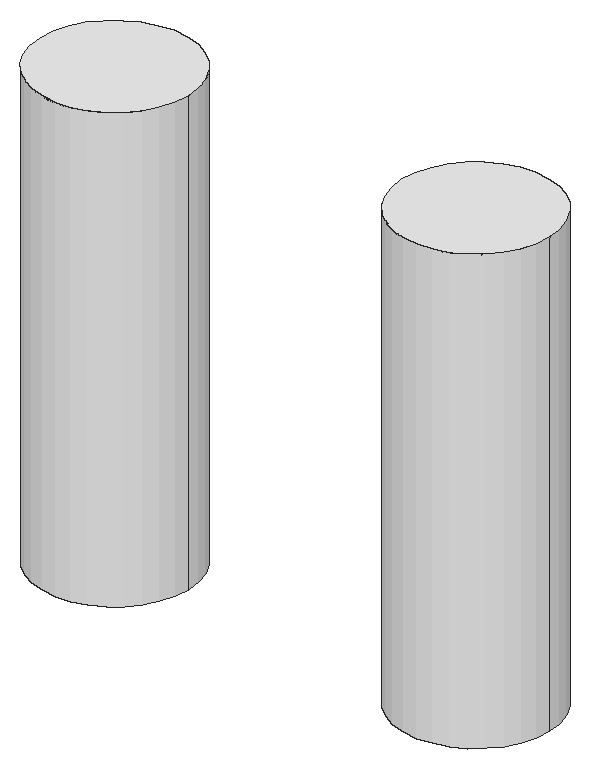
Revit family "05682119", category Plumbing Fixtures, Revit 2020
Family settings
  Round Connector Dimension = Use Diameter
  Part Type = Normal
  OmniClass Number = 23.45.55.00
  OmniClass Title = Sanitary Faucets, Wastes
  Work Plane-Based = No
  Always vertical = Yes
  Cut with Voids When Loaded = No
  Shared = No
  Room Calculation Point = No
Parameters (values of type "05682119 High washbasin faucet, 6 V, Bluetooth ")
  Working Pressure = "100 - 1000 kPa"
  WarrantyStartDate [instance] = "n/a"
  WarrantyGuarantorParts = "n/a"
  WarrantyGuarantorLabor = "n/a"
  WarrantyDurationUnit = "Year"
  WarrantyDurationParts = "n/a"
  WarrantyDurationLabor = "n/a"
  WarrantyDescription = "http://warranty.hansa.com"
  Warranty Information URL = "http://warranty.hansa.com"
  VersionDate = "01/06/2023"
  Version = "1"
  ValvePattern = "n/a"
  ValveOperation = "n/a"
  ValveMechanism = "n/a"
  Uniclass2015Reference = "Pr_40_20_87_96"
  Uniclass2015Description = "Washbasin manual water supply sets"
  Uniclass2 = "Pr_40_30_96_96"
  URL WEEE = "http://static.hansa.com/WEEE/05682119"
  URL UN38.3 = "http://static.hansa.com/UN383/05682119"
  URL REACH = "http://static.hansa.com/doc/reach"
  URL EcoLabel Declaration = "http://static.hansa.com/doc/EcoLabel"
  URL EU Packaging Declaration = "http://static.hansa.com/doc/packaging"
  URL Declaration of SCIP = "http://static.hansa.com/doc/SCIP"
  URL Declaration of Conformity = "http://static.hansa.com/DoC/05682119"
  URL Declaration of Asbestos = "http://static.hansa.com/doc/asbestos"
  URL Declaration Of Performance (DOP) = "http://static.hansa.com/doc/DoP"
  URL ABP = "http://static.hansa.com/ABP/05682119"
  URL = ""
  UNSPSC Class Number = "30181700 Faucets or taps"
  TestPressure = "n/a"
  Temperature Adjustments = "Adjustable hot water stop (included, retrofittable)"
  Temperature = "Temperature limiter (retrofittable)"
  Technical DataSheet URL = "http://www.hansa.com/datasheet/05682119/en"
  TagNumber [instance] = "n/a"
  SustainabilityPerformance = "n/a"
  Surface treatment = "Chrome"
  Spout Type = "Fixed spout;Casted construction"
  Spout Projection = "136 mm"
  Special Features = "Waterways without nickel, adjustable settings BT, leadfree"
  Spare-Part Information URL = "http://static.hansa.com/sp/05682119"
  Size = "69x166.5x174 mm"
  Shape = "Sculptured"
  SerialNumber [instance] = "n/a"
  Sales Package dimensions (LxWxH) = "380 x 180 x 74"
  Revision = "n/a"
  ReplacementCost = "n/a"
  Protection Class = "IP 55"
  ProductInformation = "n/a"
  Product URL = "http://static.hansa.com/05682119"
  Product Image URL = "http://static.hansa.com/image/05682119"
  Product Family = "HANSAMEDIPRO XL"
  Product Code = "05682119"
  OperatingMechanismMaterial = "n/a"
  Operating Voltage = 6 V
  Operating Distance = "20-130 mm (110/130/160 mm)"
  NominalWidth = 69 mm
  NominalHeight = 174 mm
  NominalDepth = 166.5 mm
  Noise Class = "I (ISO 3822)"
  Name_en = "05682119 High washbasin faucet, 6 V, Bluetooth"
  Name = "05682119 High washbasin faucet, 6 V, Bluetooth"
  NBSReference = "45-35-70/371"
  NBSDescription = "Water supply fittings for wash basins and troughs"
  Mounting Holes = "1 hole"
  ModelReference = "05682119"
  ModelNumber = "n/a"
  Model = "05682119 High washbasin faucet, 6 V, Bluetooth"
  Mobile Product Information URL = "http://mpi.hansa.com/05682119"
  Mechanical Parts = "Litter filter(s);Mixing valve for manual temperature control;Non-return valve(s)"
  Max. Hot Water Supply = 70 °C
  Max Flow Period = "2 min (1 - 1800 s)"
  Material = "Brass"
  Market = "Austria;Belgium;Czech Republic;Germany;Spain;France;International;Italy;Netherlands;Slovakia"
  ManufacturerURL = "http://www.hansa.com"
  ManufacturerName = "HANSA"
  Manufacturer = "HANSA"
  Lever Handle = "Temperature control handle"
  Interactive AR View URL = "https://static.hansa.com/AR/05682119"
  InstallationDate [instance] = "n/a"
  Installation and Maintenance Guide URL = "http://static.hansa.com/manual/05682119"
  Installation Type = "Deck mounted"
  InletConnectionSize = 10 mm
  IfcExportType = "FAUCET"  # constant formula
  IfcExportAs = "IfcValveType"  # constant formula
  Group = "Washbasin faucet"
  Grade = "n/a"
  FlowCoefficient = 0
  Flow Rate At 300kPa With Flow Controller = 0.1 L/s
  Flow Drawing URL = "http://static.hansa.com/flowchart/05682119"
  Finish = "Polished"
  Features = "Touchless;Battery-operated;Bluetooth®"
  FaucetMainMaterial = Brass
  FDV Document URL = "http://www.hansa.com/datasheet/05682119/en/fdv"
  ExpectedLife = "n/a"
  Excluded Items = "Without pop-up waste;Without draw-rod opening"
  Electronic Parts = "Autofocus infrared sensor;Solenoid valve;Low battery indicator"
  ETIM Class Number = "EC010340 Electronic tap"
  EN Standard = "EN 15091,\nETSI EN 301 489-1 V1.9.2 , \nETSI EN 300 328 v2.2.2 , \nEN 61000-6-1:2007 , \nEN 61000-6-3:2007+A1:2011+AC:2012 , \nEN 60335-1:2012+A11+A13+A1+A14+A2+A15:2021, Part 19.11.4"
  EMC Directive = "Radio Equipment Directive 2014/53/EU , \nLow Voltage Directive 2014/35/EU , \nEMC Directive 2014/30/EU , \nRoHS Directive 2011/65/EU"
  EAN Number = "4057304005053"
  DurationUnit = "Year"
  Dimension Drawing URL = "http://static.hansa.com/dimdrw/05682119"
  Description = ""
  DefaultElevation [instance] = 900 mm
  Default Elevation = 0 mm
  Constituents = "n/a"
  Connection Size = "G3/8"
  Connection = "Flexible inlet pipes;Special coating for hygienic premises"
  Color = "Chrome"
  CodePerformance = "n/a"
  CloseOffRating = 0
  Catalog Drawing URL = "http://static.hansa.com/catdrw/05682119"
  Brand = "HANSA"
  BodyMaterial = "Brass"
  Bluetooth = "4.x (D034445)"
  Battery = "Lithium 2CR5 6 V"
  Barcode [instance] = "n/a"
  Backflow Prevention EN1717 = "AA"
  BIMObjectName = "05682119"
  Automatic Flush Period = "30 s (1-1800 s)"
  Automatic Flush Frequency = "off (off/1-120 h)"
  Author = "BIMStone"
  AssetType = "Fixed"
  AssetIdentifier [instance] = "n/a"
  Approval ABP = "P-IX 29469/IO"
  Afterflow Period = "3 s (1-20 s)"
  Aerator = "Laminar stream"
  Advanced Features = "Inner body made of DZR brass;Surfaces in contact with drinking water contain less than 0.3% lead;Waterways without nickel coating;;Software settings adjustable via App"
  AccessibilityPerformance = "n/a"
  3D View = "https://static.hansa.com/AR/05682119"
  2D/3D/BIM Files URL = "http://static.hansa.com/bim/05682119"
Reference planes
  plane 1 "Center (Front/Back)": y = 0
  plane 2: z = 0
  plane 3 "Center (Left/Right)": x = 0
  plane 4: x = -27.5
  plane 5: x = 27.5
  plane 6: y = -166.5
  plane 7: z = 1074
  plane 8: z = 900
  plane 9: x = 41.5
  plane 10: z = 870
Forms (mm)
  Extrusion 1, solid, material "Brass" <- "FaucetMainMaterial", detail levels medium
    sketch origin (0, 0, 0) x (0, 1, 0) y (0, 0, 1)
      loop
        line (0, 900) -> (-14.379, 1050.418) -> (-148.119, 1074) -> (-161.474, 1074) -> (-166.5, 1045.495) -> (-86.606, 1031.408)
        arc (-86.606, 1031.408) -> (-67.874, 1021.993) -> (-59.728, 1002.675) r 30.321
        line (-59.728, 1002.675) -> (-55, 900) -> (0, 900)
    from -27.5 to 27.5
  Extrusion 2, solid, material "Brass" <- "FaucetMainMaterial", detail levels medium
    sketch origin (0, 0, 0) x (1, 0, 0) y (0, 0, 1)
      loop
        line (27.5, 910.024) -> (41.5, 910.024) -> (41.5, 948.779) -> (27.5, 948.779) -> (27.5, 910.024)
    from 21.555 to 37.598
  Extrusion 3, solid, material "Brass" <- "FaucetMainMaterial", detail levels coarse
    sketch origin (0, 0, 0) x (1, 0, 0) y (0, 1, 0)
      loop
        line (-27.5, 0) -> (-27.5, -166.5) -> (41.5, -166.5) -> (41.5, 0) -> (-27.5, 0)
    from 900 to 1074
  Extrusion 4, solid, material "Brass" <- "FaucetMainMaterial"
    sketch origin (0, 0, 0) x (1, 0, 0) y (0, 1, 0)
      loop
        circle (-12.25, -27.445) r 5
      loop
        circle (12.25, -27.445) r 5
    from 870 to 900
Lines and regions (mm)
  symbolic lines, detail levels medium+fine
    curve 1: line (-15.5, -69.537, 0) -> (-15.5, -149.141, 0)
    curve 2: arc (-22.324, -45.737, 0) -> (-17.24, -57.157, 0) -> (-15.5, -69.537, 0) r 44.913
    curve 3: arc (-27.502, -27.489, 0) -> (-26.212, -36.982, 0) -> (-22.324, -45.737, 0) r 33.978
    curve 5: line (15.499, -71.499, 0) -> (15.499, -149.141, 0)
    curve 6: arc (22.753, -45.031, 0) -> (17.345, -57.777, 0) -> (15.499, -71.499, 0) r 51.914
    curve 8: spline (-15.5, -149.141, 0) -> (-15.464, -150.192, 0) -> (-15.356, -151.239, 0) -> (-15.177, -152.275, 0) -> (-14.927, -153.297, 0) -> (-14.608, -154.3, 0) -> (-14.221, -155.279, 0) -> (-13.767, -156.229, 0) -> (-13.25, -157.147, 0) -> (-12.671, -158.027, 0) -> (-12.033, -158.866, 0) -> (-11.34, -159.659, 0) -> (-10.593, -160.404, 0)
    curve 10: spline (10.592, -160.404, 0) -> (11.339, -159.659, 0) -> (12.032, -158.866, 0) -> (12.67, -158.027, 0) -> (13.249, -157.147, 0) -> (13.766, -156.23, 0) -> (14.219, -155.279, 0) -> (14.606, -154.3, 0) -> (14.926, -153.298, 0) -> (15.175, -152.275, 0) -> (15.355, -151.239, 0) -> (15.463, -150.192, 0) -> (15.499, -149.141, 0)
    curve 11: arc (-10.593, -160.404, 0) -> (0, -166.501, 0) -> (10.592, -160.404, 0) r 12.251
    curve 12: line (41.5, -34.339, 0) -> (41.5, -28.836, 0)
    curve 13: arc (26.89, -21.734, 0) -> (-2.895, -0.141, 0) -> (-27.502, -27.489, 0) r 27.501
    curve 14: line (0, 0, 900) -> (0, -55, 900)
    curve 15: line (0, -55, 900) -> (0, -56.156, 916.535)
    curve 16: line (0, -56.848, 926.423) -> (0, -57.158, 934.633)
    curve 17: arc (0, -59.718, 1002.424) -> (0, -67.789, 1021.901) -> (0, -86.606, 1031.408) r 30.321
    curve 18: line (0, -86.606, 1031.408) -> (0, -137.511, 1040.384)
    curve 19: line (0, -137.511, 1040.384) -> (0, -143.636, 1043.989)
    curve 20: arc (0, -164.599, 1056.328) -> (0, -160.424, 1068.954) -> (0, -148.119, 1074) r 15.911
    curve 21: line (0, -148.119, 1074) -> (0, -42.816, 1054.716)
    curve 22: arc (0, -42.816, 1054.716) -> (0, -35.062, 1052.703) -> (0, -27.682, 1049.584) r 54.98
    curve 23: arc (0, -27.682, 1049.584) -> (0, -17.813, 1041.367) -> (0, -12.418, 1029.713) r 29.231
    curve 24: line (0, -12.418, 1029.713) -> (0, -1.858, 926.431)
    curve 25: line (0, -1.858, 926.431) -> (0, 0, 900)
    curve 26: line (0, -145.977, 1040.013) -> (0, -166.5, 1051.862)
    curve 27: line (0, -166.5, 1051.862) -> (0, -164.059, 1056.01)
    curve 28: line (0, -145.977, 1040.013) -> (0, -143.636, 1043.989)
    curve 30: line (0, -164.059, 1056.01) -> (0, -164.599, 1056.328)
    curve 31: arc (0, -57.413, 941.388) -> (0, -58.589, 937.961) -> (0, -57.158, 934.633) r 5.032
    curve 32: arc (0, -56.638, 923.431) -> (0, -57.788, 919.886) -> (0, -56.156, 916.535) r 4.983
    curve 33: line (0, -56.638, 923.431) -> (0, -56.848, 926.423)
    curve 35: line (0, -57.413, 941.388) -> (0, -59.718, 1002.424)
    curve 37: line (40.622, -35.332, 0) -> (26.175, -37.105, 0)
    curve 38: arc (41.5, -28.836, 0) -> (41.367, -27.938, 0) -> (40.981, -27.117, 0) r 3.104
    curve 39: arc (40.981, -27.117, 0) -> (38.549, -24.68, 0) -> (35.368, -23.366, 0) r 8.772
    curve 40: line (35.368, -23.366, 0) -> (26.89, -21.734, 0)
    curve 41: arc (26.175, -37.105, 0) -> (24.717, -41.177, 0) -> (22.753, -45.031, 0) r 33.977
    curve 42: line (-27.5, 0, 900) -> (27.5, 0, 900)
    curve 43: line (-27.5, 0, 900) -> (-27.5, 0, 926.446)
    curve 44: line (-27.5, 0, 926.446) -> (-24.359, 0, 1016.391)
    curve 45: arc (-24.359, 0, 1016.391) -> (-21.799, 0, 1031.69) -> (-15.365, 0, 1045.804) r 59.407
    curve 46: line (-15.365, 0, 1045.804) -> (-15.365, 0, 1058.848)
    curve 47: line (27.5, 0, 900) -> (27.5, 0, 910.024)
    curve 48: line (27.5, 0, 926.446) -> (24.359, 0, 1016.391)
    curve 49: arc (24.359, 0, 1016.391) -> (21.799, 0, 1031.69) -> (15.365, 0, 1045.804) r 59.407
    curve 50: line (15.365, 0, 1045.804) -> (15.365, 0, 1058.848)
    curve 51: spline (-15.365, 0, 1058.848) -> (-14.842, 0, 1062.769) -> (-13.307, 0, 1066.424) -> (-10.865, 0, 1069.562) -> (-7.683, 0, 1071.97) -> (-3.977, 0, 1073.484) -> (0, 0, 1074) -> (3.977, 0, 1073.484) -> (7.683, 0, 1071.97) -> (10.865, 0, 1069.562) -> (13.307, 0, 1066.424) -> (14.842, 0, 1062.769) -> (15.365, 0, 1058.848)
    curve 54: line (27.5, 0, 925.002) -> (28.92, 0, 925.002)
    curve 55: line (28.92, 0, 925.002) -> (30.131, 0, 942.325)
    curve 56: line (40.891, 0, 942.325) -> (41.5, 0, 913.532)
    curve 57: arc (41.5, 0, 913.532) -> (40.545, 0, 911.082) -> (38.138, 0, 910.024) r 3.436
    curve 58: line (38.138, 0, 910.024) -> (27.5, 0, 910.024)
    curve 59: line (27.5, 0, 925.002) -> (27.5, 0, 926.446)
    curve 61: spline (30.131, 0, 942.325) -> (30.314, 0, 943.984) -> (30.852, 0, 945.53) -> (31.707, 0, 946.857) -> (32.821, 0, 947.875) -> (34.118, 0, 948.516) -> (35.511, 0, 948.734) -> (36.903, 0, 948.516) -> (38.201, 0, 947.875) -> (39.315, 0, 946.857) -> (40.17, 0, 945.53) -> (40.707, 0, 943.984) -> (40.891, 0, 942.325)
    curve 71: arc (41.5, -34.339, 0) -> (41.249, -35.002, 0) -> (40.622, -35.332, 0) r 1
  symbolic lines, detail levels fine
    curve 4: arc (27.5, -27.489, 0) -> (27.347, -24.595, 0) -> (26.89, -21.734, 0) r 27.502
    curve 7: arc (27.5, -27.489, 0) -> (27.182, -32.345, 0) -> (26.175, -37.105, 0) r 33.977
    curve 9: spline (-10.593, -160.404, 0) -> (-9.095, -161.635, 0) -> (-7.454, -162.669, 0) -> (-5.695, -163.491, 0) -> (-3.847, -164.087, 0) -> (-1.939, -164.448, 0) -> (0, -164.57, 0) -> (1.938, -164.448, 0) -> (3.846, -164.087, 0) -> (5.694, -163.491, 0) -> (7.453, -162.669, 0) -> (9.094, -161.635, 0) -> (10.592, -160.404, 0)
    curve 29: line (0, -143.636, 1043.989) -> (0, -164.059, 1056.01)
    curve 34: line (0, -56.156, 916.535) -> (0, -56.638, 923.431)
    curve 36: line (0, -57.158, 934.633) -> (0, -57.413, 941.388)
    curve 52: circle (0, 0, 937.975) r 3.491 normal (0, -1, 0)
    curve 53: circle (0, 0, 919.975) r 3.491 normal (0, -1, 0)
    curve 60: arc (27.5, 0, 925.002) -> (26.178, 0, 917.513) -> (27.5, 0, 910.024) r 21.866
    curve 62: spline (-15.365, 0, 1058.848) -> (-15.342, 0, 1058.007) -> (-15.271, 0, 1057.17) -> (-15.153, 0, 1056.337) -> (-14.989, 0, 1055.512) -> (-14.778, 0, 1054.698) -> (-14.522, 0, 1053.896) -> (-14.221, 0, 1053.11) -> (-13.876, 0, 1052.341) -> (-13.489, 0, 1051.592) -> (-13.06, 0, 1050.865) -> (-12.591, 0, 1050.163) -> (-12.084, 0, 1049.488)
    curve 63: spline (12.084, 0, 1049.488) -> (12.591, 0, 1050.163) -> (13.06, 0, 1050.865) -> (13.489, 0, 1051.592) -> (13.876, 0, 1052.341) -> (14.221, 0, 1053.11) -> (14.522, 0, 1053.896) -> (14.778, 0, 1054.698) -> (14.989, 0, 1055.512) -> (15.153, 0, 1056.337) -> (15.271, 0, 1057.17) -> (15.342, 0, 1058.007) -> (15.365, 0, 1058.848)
    curve 64: spline (-11.212, 0, 1052.032) -> (-10.105, 0, 1053.228) -> (-8.604, 0, 1054.277) -> (-6.766, 0, 1055.139) -> (-4.663, 0, 1055.78) -> (-2.378, 0, 1056.175) -> (0, 0, 1056.308) -> (2.378, 0, 1056.175) -> (4.663, 0, 1055.78) -> (6.766, 0, 1055.139) -> (8.604, 0, 1054.277) -> (10.105, 0, 1053.228) -> (11.212, 0, 1052.032)
    curve 65: line (-11.212, 0, 1047.289) -> (-11.212, 0, 1046.089)
    curve 66: line (11.212, 0, 1047.289) -> (11.212, 0, 1046.089)
    curve 67: spline (11.212, 0, 1052.032) -> (11.476, 0, 1051.624) -> (11.694, 0, 1051.207) -> (11.864, 0, 1050.784) -> (11.986, 0, 1050.355) -> (12.059, 0, 1049.922) -> (12.084, 0, 1049.488) -> (12.059, 0, 1049.054) -> (11.986, 0, 1048.622) -> (11.864, 0, 1048.193) -> (11.694, 0, 1047.769) -> (11.476, 0, 1047.352) -> (11.212, 0, 1046.944)
    curve 68: spline (11.212, 0, 1046.089) -> (10.83, 0, 1047.493) -> (9.71, 0, 1048.801) -> (7.928, 0, 1049.925) -> (5.606, 0, 1050.787) -> (2.902, 0, 1051.328) -> (0, 0, 1051.513) -> (-2.902, 0, 1051.328) -> (-5.606, 0, 1050.787) -> (-7.928, 0, 1049.925) -> (-9.71, 0, 1048.801) -> (-10.83, 0, 1047.493) -> (-11.212, 0, 1046.089) -> (-10.83, 0, 1044.686) -> (-9.71, 0, 1043.377) -> (-7.928, 0, 1042.254) -> (-5.606, 0, 1041.392) -> (-2.902, 0, 1040.85) -> (0, 0, 1040.665) -> (2.902, 0, 1040.85) -> (5.606, 0, 1041.392) -> (7.928, 0, 1042.254) -> (9.71, 0, 1043.377) -> (10.83, 0, 1044.686) -> (11.212, 0, 1046.089)
    curve 69: spline (11.212, 0, 1047.289) -> (10.83, 0, 1048.693) -> (9.71, 0, 1050.001) -> (7.928, 0, 1051.125) -> (5.606, 0, 1051.987) -> (2.902, 0, 1052.528) -> (0, 0, 1052.713) -> (-2.902, 0, 1052.528) -> (-5.606, 0, 1051.987) -> (-7.928, 0, 1051.125) -> (-9.71, 0, 1050.001) -> (-10.83, 0, 1048.693) -> (-11.212, 0, 1047.289)
    curve 70: spline (-11.212, 0, 1046.944) -> (-11.476, 0, 1047.352) -> (-11.694, 0, 1047.769) -> (-11.864, 0, 1048.193) -> (-11.986, 0, 1048.622) -> (-12.059, 0, 1049.054) -> (-12.084, 0, 1049.488) -> (-12.059, 0, 1049.922) -> (-11.986, 0, 1050.355) -> (-11.864, 0, 1050.784) -> (-11.694, 0, 1051.207) -> (-11.476, 0, 1051.624) -> (-11.212, 0, 1052.032)
Dimensions and locks
  equal spacing: plane 4, plane 3 "Center (Left/Right)", plane 5
  "NominalDepth": plane 6 to plane 1 "Center (Front/Back)"
  "NominalHeight": plane 7 to plane 8
  "DefaultElevation": plane 8 to level
  locked: plane 5 to plane 9 at 14
  "NominalWidth": plane 4 to plane 9
  locked: plane 8 to plane 10 at 30
  "InletConnectionSize": diameter of Extrusion 4 sketch curve  (x2)
  aligned and locked: level to plane 2
  aligned and locked: import instance to plane 8
  aligned and locked: plane 7 to Extrusion 3
  aligned and locked: Extrusion 3 to plane 8
  aligned and locked: plane 8 to Extrusion 4
  aligned and locked: Extrusion 4 to plane 10
Automatic sketch dimensions
  curve 26 to plane 6 = 0 mm
  curve 20 to plane 7 = 0 mm
  curve 15 to plane 8 = 0 mm
  curve 14 to plane 1 "Center (Front/Back)" = 0 mm
  plane 6 to curve 30 = 1.901 mm
  curve 20 to curve 30 = 0.54 mm
  curve 27 to curve 20 = 15.271 mm
  curve 20 to curve 21 = 0.668 mm
  curve 20 to curve 26 = 2.811 mm
  curve 26 to curve 28 = 2.34 mm
  curve 19 to curve 18 = 6.125 mm
  curve 18 to curve 17 = 47.494 mm
  curve 17 to curve 18 = 3.411 mm
  curve 17 to curve 35 = 30.299 mm
  plane 1 "Center (Front/Back)" to curve 33 = 56.848 mm
  curve 33 to curve 15 = 1.848 mm
  curve 33 to curve 31 = 3.287 mm
  curve 33 to curve 32 = 4.031 mm
  curve 17 to curve 22 = 6.999 mm
  curve 21 to plane 7 = 19.284 mm
  plane 1 "Center (Front/Back)" to curve 21 = 42.816 mm
  curve 22 to curve 23 = 11.726 mm
  plane 1 "Center (Front/Back)" to curve 24 = 12.418 mm
  plane 1 "Center (Front/Back)" to curve 24 = 1.858 mm
  plane 8 to curve 25 = 26.431 mm
  curve 33 to curve 31 = 11.728 mm
  curve 22 to curve 21 = 54.081 mm
  curve 22 to curve 17 = 0.645 mm
  curve 22 to curve 35 = 1.789 mm
  curve 22 to curve 23 = 22.924 mm
  curve 24 to curve 22 = 19.871 mm
  curve 26 to plane 7 = 33.987 mm
  curve 26 to curve 19 = 0.371 mm
  curve 31 to curve 31 = 3.852 mm
  curve 33 to curve 32 = 0.209 mm
  curve 32 to curve 32 = 3.34 mm
  curve 32 to curve 32 = 3.699 mm
  curve 32 to curve 16 = 2.992 mm
  plane 8 to curve 15 = 16.535 mm
  curve 31 to curve 35 = 3.237 mm
  plane 8 to curve 16 = 34.633 mm
  curve 42 to plane 4 = 0 mm
  curve 53 to plane 3 "Center (Left/Right)" = 0 mm
  curve 68 to plane 3 "Center (Left/Right)" = 0 mm
  curve 63 to plane 3 "Center (Left/Right)" = 0 mm
  curve 51 to plane 3 "Center (Left/Right)" = 0 mm
  curve 62 to plane 3 "Center (Left/Right)" = 0 mm
  curve 52 to plane 3 "Center (Left/Right)" = 0 mm
  curve 42 to plane 5 = 0 mm
  curve 54 to plane 5 = 0 mm
  curve 56 to plane 9 = 0 mm
  curve 42 to plane 8 = 0 mm
  curve 49 to plane 4 = 7.512 mm
  plane 4 to curve 44 = 3.141 mm
  plane 4 to curve 46 = 12.135 mm
  curve 66 to curve 50 = 4.154 mm
  curve 48 to plane 5 = 3.141 mm
  curve 60 to curve 55 = 1.42 mm
  plane 5 to curve 55 = 2.631 mm
  curve 45 to plane 9 = 6.488 mm
  curve 57 to plane 9 = 3.435 mm
  curve 58 to plane 9 = 3.362 mm
  curve 56 to plane 9 = 0.609 mm
  plane 9 to curve 60 = 6.544 mm
  plane 8 to curve 47 = 10.024 mm
  curve 57 to curve 57 = 3.435 mm
  curve 56 to curve 60 = 3.981 mm
  plane 8 to curve 53 = 19.975 mm
  curve 60 to curve 59 = 1.444 mm
  plane 8 to curve 43 = 26.446 mm
  curve 53 to curve 52 = 18 mm
  curve 48 to curve 56 = 15.879 mm
  curve 49 to plane 7 = 59.682 mm
  curve 45 to plane 7 = 59.682 mm
  curve 45 to curve 48 = 2.073 mm
  curve 49 to curve 44 = 2.073 mm
  curve 50 to curve 66 = 1.486 mm
  curve 69 to curve 46 = 11.558 mm
  curve 62 to curve 51 = 0 mm
  curve 63 to curve 62 = 0 mm
  curve 70 to curve 70 = 0.872 mm
  curve 64 to curve 69 = 0 mm
  curve 69 to curve 63 = 0.872 mm
  curve 65 to curve 69 = 1.2 mm
  curve 68 to curve 69 = 1.2 mm
  curve 66 to curve 68 = 0 mm
  curve 69 to curve 70 = 2.199 mm
  curve 70 to curve 70 = 2.544 mm
  curve 63 to curve 51 = 0 mm
  curve 62 to curve 63 = 0 mm
  curve 64 to curve 62 = 0 mm  (x2)
  curve 62 to curve 70 = 0 mm
  curve 69 to curve 63 = 2.199 mm
  curve 70 to plane 3 "Center (Left/Right)" = 0 mm
  curve 64 to plane 3 "Center (Left/Right)" = 0 mm
  curve 67 to plane 3 "Center (Left/Right)" = 0 mm
  curve 62 to curve 67 = 0 mm
  curve 67 to curve 69 = 0.345 mm
  Extrusion 1 sketch curve to plane 6 = 0 mm
  Extrusion 1 sketch curve to plane 7 = 0 mm
  Extrusion 1 sketch curve to plane 8 = 0 mm
  Extrusion 1 sketch curve to plane 1 "Center (Front/Back)" = 0 mm
  plane 6 to Extrusion 1 sketch curve = 5.026 mm
  Extrusion 1 sketch curve to Extrusion 1 sketch curve = 13.354 mm
  plane 6 to Extrusion 1 sketch curve = 76.483 mm
  Extrusion 1 sketch curve to Extrusion 1 sketch curve = 3.411 mm
  Extrusion 1 sketch curve to Extrusion 1 sketch curve = 30.289 mm
  plane 1 "Center (Front/Back)" to Extrusion 1 sketch curve = 55 mm
  Extrusion 1 sketch curve to plane 7 = 72.72 mm
  Extrusion 1 sketch curve to Extrusion 1 sketch curve = 1.395 mm
  plane 1 "Center (Front/Back)" to Extrusion 1 sketch curve = 14.379 mm
  Extrusion 1 sketch curve to plane 7 = 23.582 mm
  Extrusion 2 sketch curve to plane 5 = 0 mm
  Extrusion 2 sketch curve to plane 9 = 0 mm
  plane 8 to Extrusion 2 sketch curve = 10.024 mm
  Extrusion 2 sketch curve to Extrusion 2 sketch curve = 38.755 mm
  Extrusion 3 sketch curve to plane 4 = 0 mm
  Extrusion 3 sketch curve to plane 6 = 0 mm
  Extrusion 3 sketch curve to plane 9 = 0 mm
  plane 1 "Center (Front/Back)" to Extrusion 3 sketch curve = 0 mm
  curve 7 to curve 41 = 0 mm  (x2)
  curve 8 to plane 3 "Center (Left/Right)" = 0 mm
  curve 12 to plane 9 = 0 mm
  curve 11 to plane 3 "Center (Left/Right)" = 0 mm
  curve 13 to plane 3 "Center (Left/Right)" = 0.001 mm
  curve 4 to curve 13 = 0.001 mm  (x2)
  curve 41 to plane 3 "Center (Left/Right)" = 6.476 mm
  plane 4 to curve 1 = 12 mm
  curve 2 to plane 4 = 32.913 mm
  plane 3 "Center (Left/Right)" to curve 3 = 6.475 mm
  curve 5 to plane 5 = 12.001 mm
  curve 37 to plane 5 = 1.325 mm
  curve 40 to plane 5 = 0.61 mm
  plane 5 to curve 39 = 6.176 mm
  curve 40 to plane 9 = 6.132 mm
  curve 38 to plane 9 = 3.104 mm
  curve 37 to plane 9 = 0.878 mm
  plane 9 to curve 6 = 25.912 mm
  plane 6 to curve 11 = 12.25 mm
  curve 11 to curve 5 = 5.109 mm
  curve 10 to curve 1 = 0 mm
  plane 1 "Center (Front/Back)" to curve 5 = 71.499 mm
  curve 5 to curve 1 = 1.962 mm
  curve 6 to curve 37 = 34.394 mm
  curve 37 to curve 37 = 1.773 mm
  curve 71 to curve 39 = 2.365 mm
  curve 71 to curve 12 = 5.503 mm
  plane 1 "Center (Front/Back)" to curve 41 = 27.708 mm
  curve 7 to curve 3 = 0.001 mm
  curve 7 to curve 4 = 0.218 mm
  curve 38 to curve 40 = 5.469 mm
  curve 9 to plane 3 "Center (Left/Right)" = 0 mm
  curve 10 to curve 9 = 0 mm
  plane 6 to curve 9 = 6.096 mm
  curve 9 to plane 3 "Center (Left/Right)" = 10.593 mm
  curve 9 to curve 1 = 0 mm
  curve 1 to curve 9 = 0 mm
  curve 37 to curve 71 = 0.993 mm
  Extrusion 4 sketch curve to plane 3 "Center (Left/Right)" = 12.25 mm
  plane 3 "Center (Left/Right)" to Extrusion 4 sketch curve = 12.25 mm
  plane 1 "Center (Front/Back)" to Extrusion 4 sketch curve = 27.445 mm
  Extrusion 4 sketch curve to Extrusion 4 sketch curve = 0 mm
  radius of curve 52 = 3.491 mm
  radius of curve 53 = 3.491 mm
Nested families
  nested 1: "Symbol" at (0, 0, 0), type "Symbol", detail levels coarse
Connectors
  piping at (-12.25, -27.445, 870), diameter 10, driven by "InletConnectionSize"
    settings: on Extrusion 4, index 1, connector inside diameter 609.6 mm, connector length 0 mm, flow factor 0, pipe flow 0.1 L/s, pressure drop 0.0 Pa, fitting loss kfactor 0, connector angle 0.00°, fixture units 0, engagement length 0 mm, angle of deflection 0.00°, flow configuration 1, flow direction 1, fitting loss method 0, system type 19, joint type 0, gender type 0, connector reference index -1, connector utility 0, adjustable connector no, is connector primary yes, connector description ""
  piping at (-12.25, -27.445, 870), diameter 10, driven by "InletConnectionSize"
    settings: on Extrusion 4, index 2, connector inside diameter 609.6 mm, connector length 0 mm, flow factor 0, pipe flow 0.0 L/s, pressure drop 0.0 Pa, fitting loss kfactor 0, connector angle 0.00°, fixture units 0, engagement length 0 mm, angle of deflection 0.00°, flow configuration 1, flow direction 1, fitting loss method 0, system type 19, joint type 0, gender type 0, connector reference index -1, connector utility 0, adjustable connector no, is connector primary no, connector description ""
  piping at (12.25, -27.445, 870), diameter 10, driven by "InletConnectionSize"
    settings: on Extrusion 4, index 3, connector inside diameter 609.6 mm, connector length 0 mm, flow factor 0, pipe flow 0.0 L/s, pressure drop 0.0 Pa, fitting loss kfactor 0, connector angle 0.00°, fixture units 0, engagement length 0 mm, angle of deflection 0.00°, flow configuration 1, flow direction 1, fitting loss method 0, system type 20, joint type 0, gender type 0, connector reference index -1, connector utility 0, adjustable connector no, is connector primary no, connector description ""
Definition of nested family "Symbol"
  Reference planes
    plane 1: y = 0
    plane 2: x = 0
  Lines and regions (mm)
    detail lines
      curve 1: line (0, 0, 0) -> (0, -1.8, 0)
      curve 2: line (-0.4, -1.1, 0) -> (0.4, -1.1, 0)
      curve 3: line (-0.4, -1.4, 0) -> (0.4, -1.4, 0)
      curve 4: line (0.863, 0, 0) -> (-0.863, 0, 0)
      curve 5: circle (-1.163, 0, 0) r 0.3 normal (0, 0, -1)
      curve 6: circle (1.163, 0, 0) r 0.3 normal (0, 0, 1)
